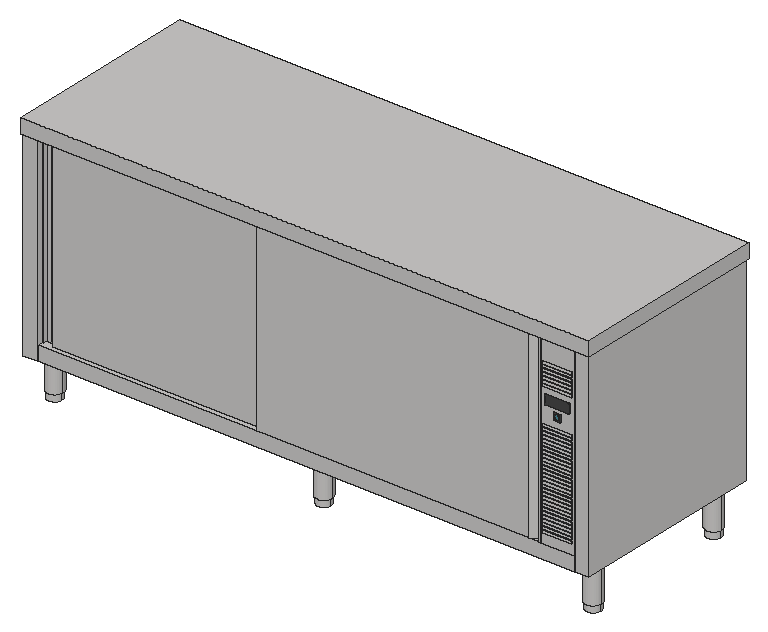
Revit family "QF_ELECTROLUXPROFESSIONAL_133101_TCD2000EN", category Attrezzature speciali, Revit 2020
Family settings
  Quota connettore circolare = Usa diametro
  Tipo di parte = Normale
  Basato su piano di lavoro = No
  Sempre verticale = Sì
  Taglio con vuoti quando caricato = No
  Condiviso = No
  Punto di calcolo locali = No
Parameters (values of type "Standard")
  Weight = 75.00 kg
  Watts = 2400 W
  Volts = 220 V
  URL Manufacturer = "https://www.electroluxprofessional.com/"
  URL = "https://www.electroluxprofessional.com/"
  Steam Supply Size = 0 mm
  Steam Supply Minimum Pressure = 0.0 Pa
  Steam Supply Maximum Pressure = 0.0 Pa
  Steam Consumption per Hour = 0
  Refrigeration Suction Line Size = 0.0 mm
  Refrigeration Liquid Line Size = 0.0 mm
  Refrigerant Compressor Remote = yes
  Prospetto di default = 0.0 mm
  Produttore = "Electrolux Professional"
  Phase = 1
  Modello = "TCD2000EN"
  Length Actual = 2000.0 mm  # constant formula
  Item Number = "133101"
  Hot Water Size = 0 mm
  Height Actual = 900.0 mm  # constant formula
  HP = "3.2 HP"
  Gas Size = 0 mm
  Gas KW = 0
  Gas Input Pressure = 0 W
  Direct Waste Size = 0 mm
  Descrizione = "HOT PASS-THROUGH CUPBOARD 2000 MM"
  Depth Actual = 700.0 mm  # constant formula
  Cycle = 50 Hz
  Condensate Return Size = 0 mm
  Compressed Air Volume = 0.0 L/s
  Compressed Air Size = 0 mm
  Compressed Air Pressure = 0.0 Pa
  Cold Water Size = 0 mm
  Accessory = yes
Reference planes
  plane 1 "Center (Front/Back)": y = 0
  plane 2: z = 0
  plane 3 "Center (Left/Right)": x = -500
  plane 4 "LEFT": x = -1500
  plane 5 "RIGHT": x = 500
  plane 6 "BACK": y = 350
  plane 7 "FRONT": y = -350
  plane 8 "Base": z = 850
  plane 9 "TOP": z = 900
  plane 10: x = -1446.5
  plane 11: x = 446.5
  plane 12: y = 264.5
  plane 13: y = -264.5
  plane 14 "BodyLeft": x = -1494.5
  plane 15 "BodyFront": y = -344.5
  plane 16 "BodyRight": x = 494.5
  plane 17 "BodyBack": y = 344.5
  plane 18 "FEET": z = 150
  plane 19: x = 324.5
  plane 20: x = -561
  plane 21: x = 444.5
  plane 22: x = 400
  plane 23: y = -170
Forms (mm)
  Extrusion 1, solid, material "QF_Finishes_Stainless Steel"
    sketch origin (-500, 0, 0) x (0, 1, 0) y (0, 0, 1)
      loop
        line (-350, 850) -> (350, 850) -> (350, 900) -> (-350, 900) -> (-350, 850)
    from 1000 to -1000
  Extrusion 2, solid, material "QF_Finishes_Stainless Steel"
    sketch origin (0, 0, 150) x (-1, 0, 0) y (0, -1, 0)
      loop
        line (1494.5, -344.5) -> (1494.5, 344.5) -> (1444.5, 344.5) -> (1444.5, -344.5) -> (1494.5, -344.5)
      loop
        line (-444.5, -344.5) -> (-444.5, 344.5) -> (-494.5, 344.5) -> (-494.5, -344.5) -> (-444.5, -344.5)
    from 0 to 700
  Extrusion 3, solid, material "QF_Finishes_Stainless Steel"
    sketch origin (0, 0, 150) x (-1, 0, 0) y (0, -1, 0)
      loop
        line (1444.5, -344.5) -> (1444.5, 344.5) -> (-444.5, 344.5) -> (-444.5, -344.5) -> (1444.5, -344.5)
    from 0 to 50
  Extrusion 4, solid, material "QF_Finishes_Stainless Steel"
    sketch origin (-1, 0, 150) x (-1, 0, 0) y (0, -1, 0)
      loop
        line (-325.5, 344.5) -> (-325.5, 324.5) -> (670.5, 324.5) -> (670.5, 344.5) -> (-285.5, 344.5) -> (-305.5, 329.5) -> (-320.5, 329.5) -> (-320.5, 344.5) -> (-325.5, 344.5)
    from 50 to 700
  Extrusion 5, solid, material "QF_Finishes_Stainless Steel"
    sketch origin (1, 20, 150) x (1, 0, 0) y (0, 1, 0)
      loop
        line (-1445.5, -344.5) -> (-1440.5, -344.5) -> (-1440.5, -329.5) -> (-1425.5, -329.5) -> (-1405.5, -344.5) -> (-451.5, -344.5) -> (-451.5, -324.5) -> (-1445.5, -324.5) -> (-1445.5, -344.5)
    from 50 to 700
  Extrusion 6, solid, material "QF_Finishes_Stainless Steel"
    sketch origin (0, 0, 0) x (1, 0, 0) y (0, 1, 0)
      loop
        line (-1444.5, -304.5) -> (324.5, -304.5) -> (324.5, 304.5) -> (-1444.5, 304.5) -> (-1444.5, -304.5)
    from 500 to 540
  Extrusion 7, solid, material "QF_Finishes_Stainless Steel"
    sketch origin (-1, 0, 150) x (-1, 0, 0) y (0, -1, 0)
      loop
        line (-325.5, -344.5) -> (-320.5, -344.5) -> (-320.5, -329.5) -> (-305.5, -329.5) -> (-285.5, -344.5) -> (670.5, -344.5) -> (670.5, -324.5) -> (-325.5, -324.5) -> (-325.5, -344.5)
    from 50 to 700
  Extrusion 8, solid, material "QF_Finishes_Stainless Steel"
    sketch origin (1, -20, 150) x (1, 0, 0) y (0, 1, 0)
      loop
        line (-1445.5, 344.5) -> (-1445.5, 324.5) -> (-451.5, 324.5) -> (-451.5, 344.5) -> (-1405.5, 344.5) -> (-1425.5, 329.5) -> (-1440.5, 329.5) -> (-1440.5, 344.5) -> (-1445.5, 344.5)
    from 50 to 700
  Extrusion 9, solid, material "QF_Finishes_Stainless Steel"
    sketch origin (0, 0, 0) x (1, 0, 0) y (0, 1, 0)
      loop
        line (444.5, 344.5) -> (324.5, 344.5) -> (324.5, 324.5) -> (444.5, 324.5) -> (444.5, 344.5)
    from 200 to 850
  Extrusion 10, solid, material "QF_Finishes_Stainless Steel"
    sketch origin (0, 0, 150) x (-1, 0, 0) y (0, -1, 0)
      loop
        circle (-400, 170) r 10
    from 0 to -5
Cuts and joins
  joined: Extrusion 3, Extrusion 9
Lines and regions (mm)
  symbolic lines
    curve 1: line (500, 350, 900) -> (-1500, 350, 900)
    curve 2: line (-1500, 350, 900) -> (-1500, -350, 900)
    curve 3: line (-1500, -350, 900) -> (500, -350, 900)
    curve 4: line (500, -350, 900) -> (500, 350, 900)
    curve 5: line (-1500, 337, 900) -> (500, 337, 900)
  symbolic lines, style "SpecialityEquipmentHiddenLines"
    curve 6: line (-1494.5, 344.5, 150) -> (494.5, 344.5, 150)
    curve 7: line (-1494.5, -344.5, 150) -> (-1494.5, 344.5, 150)
    curve 8: line (494.5, -344.5, 150) -> (-1494.5, -344.5, 150)
    curve 9: line (494.5, 344.5, 150) -> (494.5, -344.5, 150)
    curve 10: line (-1445.5, -304.5, 150) -> (-449.5, -304.5, 150)
    curve 11: line (-449.5, -304.5, 150) -> (-449.5, -324.5, 150)
    curve 12: line (-1445.5, -324.5, 150) -> (444.5, -324.5, 150)
    curve 13: line (444.5, -324.5, 150) -> (444.5, -344.5, 150)
    curve 14: line (-1445.5, -304.5, 150) -> (-1445.5, -324.5, 150)
    curve 15: line (-671.5, -344.5, 0) -> (-671.5, -324.5, 0)
    curve 16: line (-1445.5, 304.5, 150) -> (-449.5, 304.5, 150)
    curve 17: line (-1445.5, 324.5, 150) -> (444.5, 324.5, 150)
    curve 18: line (-671.5, 344.5, 0) -> (-671.5, 324.5, 0)
    curve 19: line (-450.5, 304.5, 0) -> (-450.5, 324.5, 0)
Dimensions and locks
  plane 4 "LEFT" to plane 5 "RIGHT" = 2000.0 mm
  equal spacing: plane 4 "LEFT", plane 3 "Center (Left/Right)", plane 5 "RIGHT"
  locked: plane 8 "Base" to level at 850
  locked: plane 9 "TOP" to level at 900
  plane 6 "BACK" to plane 7 "FRONT" = 700.0 mm
  equal spacing: plane 6 "BACK", plane 1 "Center (Front/Back)", plane 7 "FRONT"
  locked: plane 4 "LEFT" to plane 14 "BodyLeft" at 5.5
  locked: plane 16 "BodyRight" to plane 5 "RIGHT" at 5.5
  locked: plane 15 "BodyFront" to plane 7 "FRONT" at 5.5
  locked: plane 6 "BACK" to plane 17 "BodyBack" at 5.5
  locked: plane 14 "BodyLeft" to plane 10 at 48
  locked: plane 11 to plane 16 "BodyRight" at 48
  locked: plane 13 to plane 15 "BodyFront" at 80
  locked: plane 17 "BodyBack" to plane 12 at 80
  plane 10 to plane 11 = 1893.0 mm
  plane 12 to plane 13 = 529.0 mm
  locked: plane 14 "BodyLeft" to Extrusion 2 sketch curve at 50
  locked: Extrusion 2 sketch curve to Extrusion 2 sketch curve at 50
  equal spacing: plane 10, plane 20, plane 19
  locked: plane 21 to plane 16 "BodyRight" at 50
  locked: plane 19 to plane 21 at 120
  locked: Extrusion 4 sketch curve to plane 20 at 110.5
  locked: plane 20 to Extrusion 5 sketch curve at 110.5
  locked: plane 18 "FEET" to level at 150
  locked: plane 22 to plane 5 "RIGHT" at 100
  locked: plane 23 to plane 7 "FRONT" at 180
  aligned and locked: level to plane 2
  aligned and locked: plane 10 to nested 1
  aligned and locked: nested 1 to plane 13
  aligned and locked: plane 11 to nested 2
  aligned and locked: nested 2 to plane 13
  aligned and locked: plane 11 to nested 4
  aligned and locked: nested 4 to plane 12
  aligned and locked: plane 10 to nested 3
  aligned and locked: nested 3 to plane 12
  aligned and locked: Extrusion 1 to plane 4 "LEFT"
  aligned and locked: plane 5 "RIGHT" to Extrusion 1
  aligned and locked: curve 2 to plane 4 "LEFT"
  aligned and locked: plane 17 "BodyBack" to Extrusion 2 sketch curve
  aligned and locked: Extrusion 2 sketch curve to plane 15 "BodyFront"
  aligned and locked: Extrusion 2 sketch curve to plane 14 "BodyLeft"
  aligned and locked: plane 16 "BodyRight" to Extrusion 2 sketch curve
  aligned and locked: Extrusion 2 sketch curve to plane 17 "BodyBack"
  aligned and locked: plane 15 "BodyFront" to Extrusion 2 sketch curve
  aligned and locked: Extrusion 3 sketch curve to plane 17 "BodyBack"
  aligned and locked: plane 15 "BodyFront" to Extrusion 3 sketch curve
  aligned and locked: plane 8 "Base" to Extrusion 2
  aligned and locked: plane 8 "Base" to Extrusion 4
  aligned and locked: Extrusion 4 to Extrusion 3
  aligned and locked: Extrusion 1 to plane 8 "Base"
  aligned and locked: plane 9 "TOP" to Extrusion 1
  aligned and locked: curve 6 to plane 17 "BodyBack"
  aligned and locked: plane 14 "BodyLeft" to curve 7
  aligned and locked: plane 15 "BodyFront" to curve 8
  aligned and locked: plane 16 "BodyRight" to curve 9
  aligned and locked: Extrusion 3 to Extrusion 2  (x2)
  aligned and locked: Extrusion 6 sketch curve to Extrusion 2
  aligned and locked: Extrusion 6 sketch curve to Extrusion 5
  aligned and locked: curve 19 to Extrusion 8
  aligned and locked: curve 18 to Extrusion 7
  aligned and locked: nested 5 to plane 21
  aligned and locked: Extrusion 6 sketch curve to plane 19
  aligned and locked: plane 3 "Center (Left/Right)" to nested 6
  aligned and locked: plane 3 "Center (Left/Right)" to nested 7
Automatic sketch dimensions
  Extrusion 7 sketch curve to plane 19 = 0.0 mm
  Extrusion 7 sketch curve to plane 17 "BodyBack" = 0.0 mm  (x2)
  Extrusion 7 sketch curve to Extrusion 7 sketch curve = 5.0 mm
  Extrusion 7 sketch curve to Extrusion 7 sketch curve = 15.0 mm
  Extrusion 7 sketch curve to Extrusion 7 sketch curve = 20.0 mm
  plane 17 "BodyBack" to Extrusion 7 sketch curve = 20.0 mm
  plane 20 to Extrusion 7 sketch curve = 110.5 mm
  plane 17 "BodyBack" to Extrusion 7 sketch curve = 15.0 mm
  curve 15 to plane 15 "BodyFront" = 0.0 mm
  plane 15 "BodyFront" to curve 15 = 20.0 mm
  curve 15 to plane 20 = 110.5 mm
  curve 3 to plane 7 "FRONT" = 0.0 mm
  curve 5 to plane 5 "RIGHT" = 0.0 mm
  curve 4 to plane 6 "BACK" = 0.0 mm
  curve 5 to plane 17 "BodyBack" = 7.5 mm
  Extrusion 1 sketch curve to plane 7 "FRONT" = 0.0 mm
  Extrusion 1 sketch curve to plane 6 "BACK" = 0.0 mm
  Extrusion 1 sketch curve to plane 8 "Base" = 0.0 mm
  Extrusion 1 sketch curve to plane 9 "TOP" = 0.0 mm
  Extrusion 3 sketch curve to plane 21 = 0.0 mm
  plane 10 to Extrusion 3 sketch curve = 2.0 mm
  Extrusion 4 sketch curve to plane 19 = 0.0 mm
  Extrusion 4 sketch curve to plane 15 "BodyFront" = 0.0 mm  (x2)
  Extrusion 4 sketch curve to Extrusion 4 sketch curve = 5.0 mm
  Extrusion 4 sketch curve to Extrusion 4 sketch curve = 15.0 mm  (x2)
  Extrusion 4 sketch curve to Extrusion 4 sketch curve = 20.0 mm  (x2)
  Extrusion 5 sketch curve to plane 15 "BodyFront" = 20.0 mm  (x2)
  Extrusion 5 sketch curve to plane 10 = 42.0 mm
  Extrusion 5 sketch curve to plane 10 = 22.0 mm
  Extrusion 5 sketch curve to plane 10 = 7.0 mm
  Extrusion 5 sketch curve to plane 10 = 2.0 mm
  Extrusion 5 sketch curve to Extrusion 5 sketch curve = 15.0 mm
  Extrusion 5 sketch curve to Extrusion 5 sketch curve = 20.0 mm
  curve 13 to plane 21 = 0.0 mm
  curve 17 to plane 21 = 0.0 mm
  curve 8 to plane 15 "BodyFront" = 0.0 mm
  plane 3 "Center (Left/Right)" to curve 10 = 50.5 mm
  plane 10 to curve 12 = 1.0 mm
  plane 15 "BodyFront" to curve 10 = 40.0 mm
  curve 12 to curve 13 = 20.0 mm
  plane 3 "Center (Left/Right)" to curve 16 = 50.5 mm
  plane 10 to curve 17 = 1.0 mm
  plane 10 to curve 16 = 1.0 mm
  curve 17 to plane 17 "BodyBack" = 20.0 mm
  plane 12 to curve 16 = 40.0 mm
  plane 12 to Extrusion 6 sketch curve = 40.0 mm
  plane 10 to Extrusion 8 sketch curve = 2.0 mm
  Extrusion 8 sketch curve to Extrusion 8 sketch curve = 5.0 mm
  Extrusion 8 sketch curve to Extrusion 8 sketch curve = 15.0 mm  (x2)
  Extrusion 8 sketch curve to plane 17 "BodyBack" = 20.0 mm  (x2)
  Extrusion 8 sketch curve to Extrusion 8 sketch curve = 20.0 mm  (x2)
  plane 3 "Center (Left/Right)" to Extrusion 8 sketch curve = 49.5 mm
  curve 18 to plane 17 "BodyBack" = 0.0 mm
  curve 18 to plane 17 "BodyBack" = 20.0 mm
  plane 12 to curve 19 = 40.0 mm
  curve 19 to curve 19 = 20.0 mm
  Extrusion 9 sketch curve to plane 17 "BodyBack" = 0.0 mm
  Extrusion 9 sketch curve to plane 19 = 0.0 mm
  Extrusion 9 sketch curve to plane 21 = 0.0 mm
  Extrusion 9 sketch curve to plane 17 "BodyBack" = 20.0 mm
  Extrusion 10 sketch curve to plane 22 = 0.0 mm
  Extrusion 10 sketch curve to plane 23 = 0.0 mm
  radius of Extrusion 10 sketch curve = 10.0 mm
Nested families
  nested 1: "FEET_D58-150" at (-1446.5, -264.5, 0), type "FEET_D58-150"
  nested 2: "FEET_D58-150" at (446.5, -264.5, 0), type "FEET_D58-150"
  nested 3: "FEET_D58-150" at (-1446.5, 264.5, 0), type "FEET_D58-150"
  nested 4: "FEET_D58-150" at (446.5, 264.5, 0), type "FEET_D58-150"
  nested 5: "WT_PNL120x650" at (531.42, -304.5, 600) x (1, 0, 0) z (0, -1, 0), type "WT_PNL120x650"
    with Show Logo yes
  nested 6: "FEET_D58-150" at (-500, -264.5, 0), type "FEET_D58-150"
  nested 7: "FEET_D58-150" at (-500, 264.5, 0), type "FEET_D58-150"
Connectors
  electrical at (400, -170, 145)
    settings: on Extrusion 10, index 1, voltage 0 V, apparent load 0 VA, apparent load phase1 0 VA, apparent load phase2 0 VA, apparent load phase3 0 VA, power factor 1, load classification "Other", number of poles 1, system type 30, power factor state 1, is connector primary yes, connector utility no, sub classification motor no, connector description "Electrical connection"
Definition of nested family "FEET_D58-150"
  Parameters
    Default Elevation = 0.0 mm
    FEET = 150.0 mm
  Reference planes
    plane 1 "Center (Front/Back)": y = 0
    plane 2: z = 0
    plane 3 "Center (Left/Right)": x = 0
    plane 4: z = 150
  Forms (mm)
    Extrusion 1, solid
      sketch origin (0, 0, 0) x (1, 0, 0) y (0, 1, 0)
        loop
          circle (0, 0) r 25
      from 0 to 25
    Extrusion 2, solid
      sketch origin (0, 0, 0) x (1, 0, 0) y (0, 1, 0)
        loop
          circle (0.061, 0) r 29
      from 25 to 150 <- "FEET"
  Lines and regions (mm)
    symbolic lines
      curve 1: line (0, -1.503, 0) -> (0, 1.508, 0)
      curve 2: line (1.561, 0, 0) -> (-1.439, 0, 0)
  Dimensions and locks
    "FEET": plane 4 to plane 2
    aligned and locked: level to plane 2
  Automatic sketch dimensions
    plane 1 "Center (Front/Back)" to Extrusion 1 sketch curve = 0.0 mm
    Extrusion 1 sketch curve to plane 3 "Center (Left/Right)" = 0.0 mm
    plane 1 "Center (Front/Back)" to curve 2 = 0.0 mm
    curve 1 to plane 3 "Center (Left/Right)" = 0.0 mm
    curve 2 to plane 3 "Center (Left/Right)" = 1.439 mm
    plane 3 "Center (Left/Right)" to curve 2 = 1.561 mm
    plane 1 "Center (Front/Back)" to curve 1 = 1.503 mm
    curve 1 to plane 1 "Center (Front/Back)" = 1.508 mm
    plane 1 "Center (Front/Back)" to Extrusion 2 sketch curve = 0.0 mm
    plane 3 "Center (Left/Right)" to Extrusion 2 sketch curve = 0.061 mm
    radius of Extrusion 1 sketch curve = 25.0 mm
    radius of Extrusion 2 sketch curve = 29.0 mm
Definition of nested family "WT_PNL120x650"
  Parameters
    Show Logo [instance] = yes
    Default Elevation = 1219.2 mm
  Reference planes
    plane 1 "Center (Front/Back)": y = -75
    plane 2: z = 0
    plane 3 "Center (Left/Right)": x = -146.92
    plane 4: x = -206.92
    plane 5: x = -86.92
    plane 6: y = 250
    plane 7: y = -400
    plane 8 "TOP": z = 40
  Forms (mm)
    Extrusion 1, solid
      sketch origin (0, 0, 0) x (1, 0, 0) y (0, 1, 0)
        loop
          line (-1219.2, 1219.2) -> (-1219.2, -1219.2) -> (1219.2, -1219.2) -> (1219.2, 1219.2) -> (-1219.2, 1219.2)
      from 0 to -304.8
    Extrusion 2, solid
      sketch origin (0, 0, 0) x (1, 0, 0) y (0, 1, 0)
        loop
          line (-206.92, 250) -> (-206.92, -400) -> (-86.92, -400) -> (-86.92, 250) -> (-206.92, 250)
      from 0 to 40
    Extrusion 3, void
      sketch origin (0, 0, 40) x (-1, 0, 0) y (0, -1, 0)
        loop
          arc (101.92, -68.899) -> (103.795, -73.256) -> (108.247, -74.89) r 6
          line (108.247, -74.89) -> (185.92, -74.89)
          arc (185.92, -74.89) -> (190.163, -73.133) -> (191.92, -68.89) r 6
          line (191.92, -68.89) -> (191.92, -45.89)
          arc (191.92, -45.89) -> (190.163, -41.648) -> (185.92, -39.89) r 6
          line (185.92, -39.89) -> (107.92, -39.89)
          arc (107.92, -39.89) -> (103.677, -41.648) -> (101.92, -45.89) r 6
          line (101.92, -45.89) -> (101.92, -68.899)
        loop
          line (158.92, -27.89) -> (158.92, -2.89) -> (134.92, -2.89) -> (134.92, -27.89) -> (158.92, -27.89)
      from -2 to 0
    Extrusion 4, solid
      sketch origin (0, 0, 40) x (-1, 0, 0) y (0, -1, 0)
        loop
          line (185.92, -39.89) -> (107.92, -39.89)
          arc (107.92, -39.89) -> (103.677, -41.648) -> (101.92, -45.89) r 6
          line (101.92, -45.89) -> (101.92, -68.899)
          arc (101.92, -68.899) -> (103.795, -73.256) -> (108.247, -74.89) r 6
          line (108.247, -74.89) -> (185.92, -74.89)
          arc (185.92, -74.89) -> (190.163, -73.133) -> (191.92, -68.89) r 6
          line (191.92, -68.89) -> (191.92, -45.89)
          arc (191.92, -45.89) -> (190.163, -41.648) -> (185.92, -39.89) r 6
      from -2 to 1
    Extrusion 5, solid
      sketch origin (-146.92, 0, 0) x (0, 1, 0) y (0, 0, 1)
        loop
          line (95.896, 40) -> (104.899, 40) -> (95.896, 41.206) -> (95.896, 40)
        loop
          line (107.896, 40) -> (116.899, 40) -> (107.896, 41.206) -> (107.896, 40)
        loop
          line (119.896, 40) -> (128.899, 40) -> (119.896, 41.206) -> (119.896, 40)
        loop
          line (131.896, 40) -> (140.899, 40) -> (131.896, 41.206) -> (131.896, 40)
        loop
          line (143.896, 40) -> (152.899, 40) -> (143.896, 41.206) -> (143.896, 40)
        loop
          line (155.896, 40) -> (164.899, 40) -> (155.896, 41.206) -> (155.896, 40)
        loop
          line (167.896, 40) -> (176.899, 40) -> (167.896, 41.206) -> (167.896, 40)
        loop
          line (-102.104, 40) -> (-93.101, 40) -> (-102.104, 41.206) -> (-102.104, 40)
        loop
          line (-90.104, 40) -> (-81.101, 40) -> (-90.104, 41.206) -> (-90.104, 40)
        loop
          line (-78.104, 40) -> (-69.101, 40) -> (-78.104, 41.206) -> (-78.104, 40)
        loop
          line (-66.104, 40) -> (-57.101, 40) -> (-66.104, 41.206) -> (-66.104, 40)
        loop
          line (-54.104, 40) -> (-45.101, 40) -> (-54.104, 41.206) -> (-54.104, 40)
        loop
          line (-42.104, 40) -> (-33.101, 40) -> (-42.104, 41.206) -> (-42.104, 40)
        loop
          line (-30.104, 40) -> (-21.101, 40) -> (-30.104, 41.206) -> (-30.104, 40)
        loop
          line (-174.104, 40) -> (-165.101, 40) -> (-174.104, 41.206) -> (-174.104, 40)
        loop
          line (-162.104, 40) -> (-153.101, 40) -> (-162.104, 41.206) -> (-162.104, 40)
        loop
          line (-150.104, 40) -> (-141.101, 40) -> (-150.104, 41.206) -> (-150.104, 40)
        loop
          line (-138.104, 40) -> (-129.101, 40) -> (-138.104, 41.206) -> (-138.104, 40)
        loop
          line (-126.104, 40) -> (-117.101, 40) -> (-126.104, 41.206) -> (-126.104, 40)
        loop
          line (-114.104, 40) -> (-105.101, 40) -> (-114.104, 41.206) -> (-114.104, 40)
        loop
          line (-246.104, 40) -> (-237.101, 40) -> (-246.104, 41.206) -> (-246.104, 40)
        loop
          line (-234.104, 40) -> (-225.101, 40) -> (-234.104, 41.206) -> (-234.104, 40)
        loop
          line (-222.104, 40) -> (-213.101, 40) -> (-222.104, 41.206) -> (-222.104, 40)
        loop
          line (-210.104, 40) -> (-201.101, 40) -> (-210.104, 41.206) -> (-210.104, 40)
        loop
          line (-198.104, 40) -> (-189.101, 40) -> (-198.104, 41.206) -> (-198.104, 40)
        loop
          line (-186.104, 40) -> (-177.101, 40) -> (-186.104, 41.206) -> (-186.104, 40)
        loop
          line (-318.104, 40) -> (-309.101, 40) -> (-318.104, 41.206) -> (-318.104, 40)
        loop
          line (-306.104, 40) -> (-297.101, 40) -> (-306.104, 41.206) -> (-306.104, 40)
        loop
          line (-294.104, 40) -> (-285.101, 40) -> (-294.104, 41.206) -> (-294.104, 40)
        loop
          line (-282.104, 40) -> (-273.101, 40) -> (-282.104, 41.206) -> (-282.104, 40)
        loop
          line (-270.104, 40) -> (-261.101, 40) -> (-270.104, 41.206) -> (-270.104, 40)
        loop
          line (-258.104, 40) -> (-249.101, 40) -> (-258.104, 41.206) -> (-258.104, 40)
        loop
          line (-366.104, 40) -> (-357.101, 40) -> (-366.104, 41.206) -> (-366.104, 40)
        loop
          line (-354.104, 40) -> (-345.101, 40) -> (-354.104, 41.206) -> (-354.104, 40)
        loop
          line (-342.104, 40) -> (-333.101, 40) -> (-342.104, 41.206) -> (-342.104, 40)
        loop
          line (-330.104, 40) -> (-321.101, 40) -> (-330.104, 41.206) -> (-330.104, 40)
      from -50 to 50
    Extrusion 6, solid
      sketch origin (0, 0, 40) x (-1, 0, 0) y (0, -1, 0)
        loop
          line (134.92, -27.89) -> (158.92, -27.89) -> (158.92, -2.89) -> (134.92, -2.89) -> (134.92, -27.89)
        loop
          circle (146.92, -15.39) r 9
      from -2 to 3
    Extrusion 7, solid
      sketch origin (0, 0, 40) x (-1, 0, 0) y (0, -1, 0)
        loop
          circle (146.92, -15.39) r 9
      from 0 to 3
  Cuts and joins
    Extrusion 3 cuts Extrusion 2
  Dimensions and locks
    equal spacing: plane 6, plane 1 "Center (Front/Back)", plane 7
    equal spacing: plane 4, plane 3 "Center (Left/Right)", plane 5
    plane 8 "TOP" to level = 40.0 mm
    aligned and locked: plane 2 to Extrusion 1
    aligned and locked: level to Extrusion 1
  Automatic sketch dimensions
    Extrusion 1 sketch curve to Extrusion 1 sketch curve = 2438.4 mm  (x2)
    Extrusion 2 sketch curve to plane 4 = 0.0 mm
    Extrusion 2 sketch curve to plane 5 = 0.0 mm
    Extrusion 2 sketch curve to plane 7 = 0.0 mm
    Extrusion 2 sketch curve to plane 6 = 0.0 mm
    Extrusion 5 sketch curve to plane 8 "TOP" = 0.0 mm  (x36)
    Extrusion 5 sketch curve to Extrusion 5 sketch curve = 9.003 mm  (x35)
    plane 8 "TOP" to Extrusion 5 sketch curve = 1.206 mm  (x22)
    Extrusion 5 sketch curve to Extrusion 5 sketch curve = 2.997 mm  (x33)
    plane 1 "Center (Front/Back)" to Extrusion 5 sketch curve = 6.101 mm
    plane 1 "Center (Front/Back)" to Extrusion 5 sketch curve = 3.104 mm
    Extrusion 5 sketch curve to plane 1 "Center (Front/Back)" = 5.899 mm
    Extrusion 5 sketch curve to Extrusion 5 sketch curve = 116.997 mm
    Extrusion 5 sketch curve to Extrusion 5 sketch curve = 1.206 mm  (x14)
    Extrusion 4 sketch curve to plane 5 = 15.0 mm
    Extrusion 4 sketch curve to Extrusion 4 sketch curve = 6.0 mm  (x3)
    Extrusion 4 sketch curve to Extrusion 4 sketch curve = 0.327 mm
    plane 4 to Extrusion 4 sketch curve = 21.0 mm  (x2)
    Extrusion 4 sketch curve to plane 1 "Center (Front/Back)" = 149.89 mm
    Extrusion 4 sketch curve to Extrusion 4 sketch curve = 23.009 mm
    Extrusion 3 sketch curve to plane 5 = 15.0 mm
    Extrusion 3 sketch curve to Extrusion 3 sketch curve = 6.0 mm  (x3)
    Extrusion 3 sketch curve to Extrusion 3 sketch curve = 0.327 mm
    plane 3 "Center (Left/Right)" to Extrusion 3 sketch curve = 12.0 mm
    Extrusion 3 sketch curve to plane 3 "Center (Left/Right)" = 12.0 mm
    plane 4 to Extrusion 3 sketch curve = 21.0 mm  (x2)
    Extrusion 3 sketch curve to plane 1 "Center (Front/Back)" = 149.89 mm
    Extrusion 3 sketch curve to Extrusion 3 sketch curve = 23.0 mm
    Extrusion 3 sketch curve to Extrusion 3 sketch curve = 12.0 mm
    Extrusion 3 sketch curve to Extrusion 3 sketch curve = 25.0 mm
    Extrusion 6 sketch curve to plane 3 "Center (Left/Right)" = 0.0 mm
    plane 3 "Center (Left/Right)" to Extrusion 6 sketch curve = 12.0 mm
    Extrusion 6 sketch curve to plane 3 "Center (Left/Right)" = 12.0 mm
    Extrusion 6 sketch curve to plane 1 "Center (Front/Back)" = 102.89 mm
    Extrusion 6 sketch curve to Extrusion 6 sketch curve = 12.5 mm  (x2)
    Extrusion 7 sketch curve to plane 3 "Center (Left/Right)" = 0.0 mm
    Extrusion 7 sketch curve to plane 1 "Center (Front/Back)" = 90.39 mm
    radius of Extrusion 6 sketch curve = 9.0 mm
    radius of Extrusion 7 sketch curve = 9.0 mm
